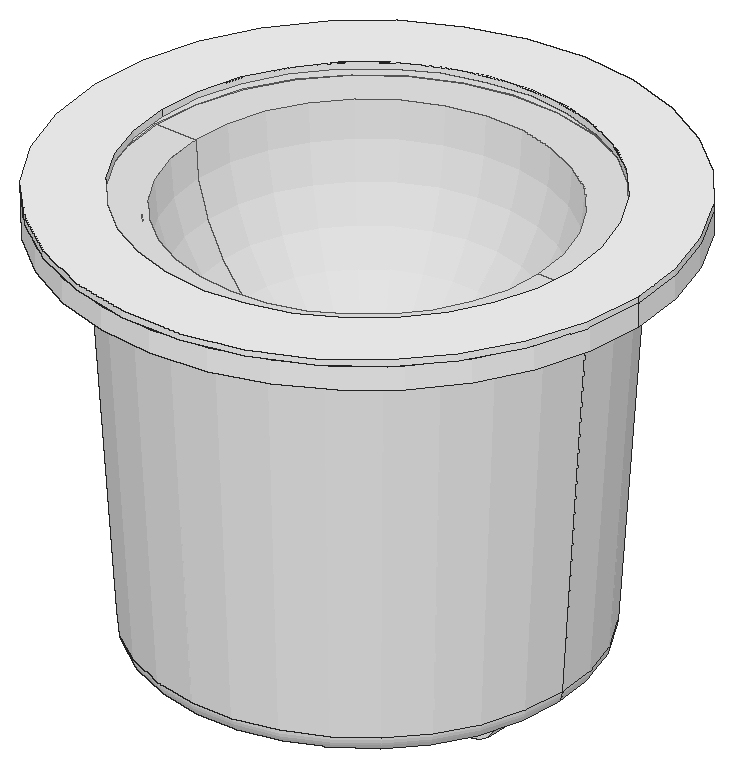
Revit family "2058911", category Lighting Fixtures, host Face, Revit 2018
Family settings
  Host = Face
  Round Connector Dimension = Use Diameter
  Part Type = Normal
  OmniClass Number = 23.80.70.11.17
  OmniClass Title = Specialized Lighting by Location or Use
  Cut with Voids When Loaded = No
  Light Source = Yes
  Shared = No
  Room Calculation Point = No
Parameters (values of type "2058911 MYRIAD DECO IP65 SP 3K DALI EM SI CBEZ")
  Weight = "n/a"
  Wattage = 15 W
  WarrantyStartDate [instance] = "n/a"
  WarrantyGuarantorParts = "n/a"
  WarrantyDurationUnit = "n/a"
  WarrantyDurationParts = ""
  WarrantyDescription = "http://www.sylvania-lighting.com"
  built-in parameter 1150110 = 1 (stored number, unit not read)
  Voltage = 230 V
  URL = "0"
  TypeName = "MYRIAD DECO IP65 SPOT 3000K DALI EM SILVER CBEZ"
  Type Image = 0
  Type Comments = ""
  built-in parameter 1114217 = 1 (stored number, unit not read)
  Tilt Angle = -90°
  built-in parameter 1150109 = 1 (stored number, unit not read)
  built-in parameter 1150134 = (empty or 0)
  built-in parameter 1150113 = 1 (stored number, unit not read)
  SerialNumber [instance] = "n/a"
  Reflector Radius = Cutout Diameter / 2 - 2.5 mm  # 35.0 mm
  Reflector Material = Aluminum_Sylvania_Myriad_Bright
  Recessed Depth = Height  # 72.0 mm
  PowerFactor = 0
  PowerConsumption = "Lighting"
  Photometric Web File = "2058911.ies"
  NominalWidth = 0.0 mm
  NominalLength = 76.0 mm
  NominalHeight = 72.0 mm
  Name = "MYRIAD DECO IP65 SPOT 3000K DALI EM SILVER CBEZ"
  ModelReference = "MYRIAD DECO IP65 SPOT 3000K DALI EM SILVER CBEZ"
  ModelNumber = "2058911"
  Material = "Feilo Sylvania"
  ManufacturerName = "92 lm/W"
  LuminousEfficacy = ""
  LuminaireType = "0"
  LightOutputRatio = "LED"
  LampsType = Lamp  # "n/a"
  LampNominalLuminous = "3000 K"
  LampMacAdamStep = "90"
  LampColourTemperature = "LED"
  LampColourRenderingIndex = "16500"
  Keynote = "n/a"
  Keynote_2 = "16500"
  InstallationDate [instance] = "n/a"
  InputVoltage = "0"
  InputNominalFrequency = "3000"
  IngressProtection = "IfcLightFixtureType"
  ImpactProtectionIndex = "IfcLightFixtureType"
  IfcExportType = "IfcLightFixtureType"
  IfcExportAs = "Class II"
  Height = 72.0 mm  # constant formula
  ExpectedLife = 50000
  Emit from Circle Diameter = Accessory Inner Diameter 2  # 68.0 mm
  Emit Shape Visible in Rendering = no
  ElectricShockClassification = "92"
  DurationUnit = "hours"
  DocumentationLiterature = "http://www.sylvania-lighting.com/product/en-int/products/2058911"
  DimmingControlOptions = "n/a"
  Diffuser Material = Glass_Sylvania_Myriad_Clear_4000K
  Diffuser Diameter = Cutout Diameter  # 75.0 mm
  Cutout Diameter = 75.0 mm  # constant formula
  CreatedOn = "03/02/2022"
  CreatedBy = "@sylvania-lighting.com"
  built-in parameter 1001205 = 0
  Cost = 0
  built-in parameter 1114216 [instance] = 1 (stored number, unit not read)
  Model = "MYRIAD DECO IP65 SPOT 3000K DALI EM SILVER CBEZ"
  Manufacturer = "Feilo Sylvania"  # constant formula
  built-in parameter 1150105 = 83.556 (stored number, unit not read)
  Lumens = 1050 lm
  built-in parameter 1150115 = 1 (stored number, unit not read)
  built-in parameter 1150137 = (empty or 0)
  built-in parameter 1150139 = (empty or 0)
  built-in parameter 1150112 = 1 (stored number, unit not read)
  built-in parameter 1150114 = 1 (stored number, unit not read)
  Lamp = "n/a"
  built-in parameter 1150132 = (empty or 0)
  built-in parameter 1150102 = (empty or 0)
  built-in parameter 1150107 = 2700 (stored number, unit not read)
  built-in parameter 1150138 = (empty or 0)
  built-in parameter 1150106 = 0.83556 (stored number, unit not read)
  built-in parameter 1150104 = 6.5032 (stored number, unit not read)
  Dimming Lamp Color Temperature Shift = <None>
  Description = "Supplied complete with electronic control gear Compact Fluorescent low energy downlight Emergency version passes through the cut out Ideal for low level orientation lighting New range of Architectural accessories each providing a different lit dimension New completely flush plaster up accessory ring for clean ceiling lines and smooth finish Order lamp separately"  # constant formula
  Default Elevation = 0.0 mm
  Color Filter = 16777215
  built-in parameter 1140040 [instance] = 1
  Body Radius = Reflector Radius + 1.5 mm  # 36.5 mm
  Body Material = Aluminum_Sylvania_Myriad_Gray
  BarCode [instance] = "n/a"
  built-in parameter 1114218 = 1 (stored number, unit not read)
  built-in parameter 1150133 = 10 (stored number, unit not read)
  AssetType = "Fixed"
  AssetIdentifier [instance] = "n/a"
  Assembly Code = "D5020200"
  Apparent Load = 12 VA
  Accessory Material = Aluminum_Sylvania_Myriad_White
  Accessory Inner Diameter 2 = Accessory Diameter - 22.0 mm  # 68.0 mm
  Accessory Inner Diameter 1 = Accessory Diameter - 2.0 mm  # 88.0 mm
  Accessory Diameter = Cutout Diameter + 15.0 mm  # 90.0 mm
Reference planes
  plane 1 "Center (Front/Back)": y = 0
  plane 2: z = 0
  plane 3 "Center (Left/Right)": x = 0
  plane 4: z = 2
  plane 5 "Fixture Bottom": z = 4.5
  plane 6: z = -28.5
  plane 7: z = -61.5
  plane 8 "Fixture Top": z = -67.5
  plane 9: z = 3.5
Forms (mm)
  Revolve 1, solid, material "Aluminum_Sylvania_Myriad_Bright" <- "Reflector Material", detail levels fine
    sketch origin (0, 0, 0) x (1, 0, 0) y (0, 0, 1)
      loop
        line (0, -27.515) -> (-6, -27.515)
        arc (-6, -27.515) -> (-22.333, -16.632) -> (-28.5, 2) r 30.135
        line (-28.5, 2) -> (-35, 2) -> (-35, 0) -> (-29.184, 0)
        arc (-29.184, 0) -> (-22.423, -18.18) -> (-6, -28.5) r 30.204
        line (-6, -28.5) -> (0, -28.5) -> (0, -27.515)
      axis (0, -28.5) -> (0, 2)
    angle from 0 to 360
  Revolve 2, solid, material "Aluminum_Sylvania_Myriad_Gray" <- "Body Material", detail levels fine
    sketch origin (0, 0, 0) x (1, 0, 0) y (0, 0, 1)
      loop
        line (-44, 2) -> (-44, 0) -> (-36.5, 0) -> (-32.42, -58.708)
        arc (-32.42, -58.708) -> (-31.474, -60.694) -> (-29.428, -61.5) r 3
        line (-29.428, -61.5) -> (0, -61.5) -> (0, -28.5) -> (-6, -28.5)
        arc (-6, -28.5) -> (-22.423, -18.18) -> (-29.184, 0) r 30.204
        line (-29.184, 0) -> (-35, 0) -> (-35, 2) -> (-44, 2)
      axis (0, 2) -> (0, -61.5)
    angle from 0 to 360
  Extrusion 3, solid, material "Aluminum_Sylvania_Myriad_Gray" <- "Body Material", detail levels fine
    sketch origin (0, 0, 0) x (1, 0, 0) y (0, 0, 1)
      loop
        line (-13.5, -67.5) -> (21, -67.5)
        arc (21, -67.5) -> (23.828, -66.328) -> (25, -63.5) r 4
        line (25, -63.5) -> (25, -61.5) -> (-17.5, -61.5) -> (-17.5, -63.5)
        arc (-17.5, -63.5) -> (-16.328, -66.328) -> (-13.5, -67.5) r 4
    from -4.5 to 4.5
  Extrusion 4, solid, material "Aluminum_Sylvania_Myriad_White" <- "Accessory Material", detail levels fine
    sketch origin (0, 0, 0) x (1, 0, 0) y (0, 1, 0)
      loop
        circle (0, 0) r 45
      loop
        circle (0, 0) r 44
    from 0 to 3.5
  Extrusion 5, solid, material "Aluminum_Sylvania_Myriad_White" <- "Accessory Material", detail levels fine
    sketch origin (0, 0, 0) x (1, 0, 0) y (0, 1, 0)
      loop
        circle (0, 0) r 45
      loop
        circle (0, 0) r 34
    from 3.5 to 4.5
  Extrusion 6, solid, material "Aluminum_Sylvania_Myriad_White" <- "Accessory Material", detail levels coarse+medium
    sketch origin (0, 0, 0) x (1, 0, 0) y (0, 1, 0)
      loop
        circle (0, 0) r 45
    from 0 to 4.5
  Revolve 7, solid, detail levels coarse+medium
    sketch origin (0, 0, 0) x (1, 0, 0) y (0, 0, 1)
      loop
        line (36.5, 0) -> (0, 0) -> (0, -61.5) -> (32.226, -61.5) -> (36.5, 0)
      axis (0, 0) -> (0, -61.5)
    angle from 0 to 360
  Extrusion 8, void
    sketch origin (0, 0, 0) x (1, 0, 0) y (0, 1, 0)
      loop
        circle (0, 0) r 37.5
    from -67.5 to 0
  Extrusion 9, solid, material "Glass_Sylvania_Myriad_Clear_4000K" <- "Diffuser Material", detail levels fine
    sketch origin (0, 0, 0) x (1, 0, 0) y (0, 1, 0)
      loop
        circle (0, 0) r 37.5
    from 2 to 3.5
Cuts and joins
  joined: Extrusion 4, Extrusion 5
Lines and regions (mm)
  Masking region 1
    outline origin (0, 0, 0) x (1, 0, 0) y (0, 1, 0)
      loop
        circle (0, 0) r 45
  symbolic lines
    curve 1: arc (-34, 0, 0) -> (0, 34, 0) -> (34, 0, 0) r 34
    curve 2: arc (34, 0, 0) -> (0, -34, 0) -> (-34, 0, 0) r 34
Dimensions and locks
  locked: plane 7 to plane 8 "Fixture Top" at 6
  "Body Radius": Revolve 7 sketch curve to plane 3 "Center (Left/Right)"
  locked: Revolve 7 sketch curve to Revolve 7 sketch curve at 4.274
  plane 5 "Fixture Bottom" to plane 9 to plane 4 to plane 2 to plane 6 = 1.0 mm locked, 1.5 mm locked, 2.0 mm locked, 28.5 mm locked
  "Reflector Radius": Revolve 1 sketch curve to plane 3 "Center (Left/Right)"
  Revolve 1 sketch curve to Revolve 1 sketch curve to Revolve 1 sketch curve to Revolve 1 sketch curve = 6.5 mm locked, 22.5 mm locked, 0.0 mm locked
  "Reflector Radius": plane 3 "Center (Left/Right)" to Revolve 2 sketch curve
  Revolve 2 sketch curve to Revolve 2 sketch curve to Revolve 2 sketch curve = 7.5 mm locked, 1.5 mm locked
  Revolve 2 sketch curve to Revolve 2 sketch curve to Revolve 2 sketch curve = 5.816 mm locked, 23.184 mm locked
  Revolve 2 sketch curve to Revolve 2 sketch curve to Revolve 2 sketch curve = 2.58 mm locked, 2.993 mm locked
  "Accessory Diameter": diameter of Extrusion 4 sketch curve
  "Accessory Inner Diameter 1": diameter of Extrusion 4 sketch curve
  "Accessory Diameter": diameter of Extrusion 5 sketch curve
  "Accessory Diameter": diameter of Extrusion 6 sketch curve
  "Cutout Diameter": diameter of Extrusion 8 sketch curve
  "Accessory Inner Diameter 2": diameter of Extrusion 5 sketch curve
  "Diffuser Diameter": diameter of Extrusion 9 sketch curve
  aligned and locked: plane 2 to host face
  aligned and locked: level to host face
  aligned and locked: plane 1 "Center (Front/Back)" to imposter light
  aligned and locked: plane 3 "Center (Left/Right)" to imposter light
  aligned and locked: Revolve 1 sketch curve to imposter light
  aligned and locked: Extrusion 3 sketch curve to plane 8 "Fixture Top"
  aligned and locked: plane 7 to Extrusion 3 sketch curve
  aligned and locked: Extrusion 4 to plane 2
  aligned and locked: plane 9 to Extrusion 4
  aligned and locked: Extrusion 5 to plane 9
  aligned and locked: plane 5 "Fixture Bottom" to Extrusion 5
  aligned and locked: Extrusion 6 to plane 2
  aligned and locked: plane 5 "Fixture Bottom" to Extrusion 6
  aligned and locked: Extrusion 8 to plane 8 "Fixture Top"
  aligned and locked: plane 2 to Extrusion 8
  aligned and locked: Masking region 1 sketch curve to Extrusion 6  (x2)
  aligned and locked: Extrusion 9 to plane 4
  aligned and locked: plane 9 to Extrusion 9
  aligned and locked: plane 4 to Revolve 2 sketch curve
  aligned and locked: Revolve 2 sketch curve to plane 2
  aligned and locked: curve 1 to cut or joined group of Extrusion 4, Extrusion 5
  aligned and locked: curve 2 to cut or joined group of Extrusion 4, Extrusion 5
  aligned and locked: imposter light to plane 5 "Fixture Bottom"
Automatic sketch dimensions
  host sketch curve to host sketch curve = 1305.563 mm
  host sketch curve to host sketch curve = 1283.632 mm
  Extrusion 3 sketch curve to plane 7 = 2.0 mm
  Extrusion 3 sketch curve to plane 3 "Center (Left/Right)" = 13.5 mm
  plane 3 "Center (Left/Right)" to Extrusion 3 sketch curve = 21.0 mm
  Extrusion 3 sketch curve to Extrusion 3 sketch curve = 4.0 mm
  Revolve 1 sketch curve to level = 0.0 mm
  Revolve 1 sketch curve to plane 3 "Center (Left/Right)" = 0.0 mm
  Revolve 1 sketch curve to plane 6 = 0.0 mm
  Revolve 1 sketch curve to plane 4 = 0.0 mm
  Revolve 1 sketch curve to Revolve 1 sketch curve = 0.684 mm
  level to Revolve 1 sketch curve = 0.88 mm
  Revolve 1 sketch curve to plane 4 = 0.363 mm
  Revolve 1 sketch curve to Revolve 1 sketch curve = 0.625 mm
  Revolve 1 sketch curve to plane 8 "Fixture Top" = 232.8 mm
  plane 5 "Fixture Bottom" to Revolve 1 sketch curve = 291.243 mm
  Revolve 2 sketch curve to plane 3 "Center (Left/Right)" = 0.0 mm  (x2)
  Revolve 2 sketch curve to plane 7 = 0.0 mm
  Revolve 2 sketch curve to plane 6 = 0.0 mm
  Revolve 2 sketch curve to level = 0.0 mm
  level to Revolve 2 sketch curve = 0.88 mm
  plane 7 to Revolve 2 sketch curve = 2.792 mm
  Revolve 2 sketch curve to plane 8 "Fixture Top" = 304.774 mm
  plane 5 "Fixture Bottom" to Revolve 2 sketch curve = 1137.105 mm
  Extrusion 4 sketch curve to Extrusion 4 sketch curve = 0.0 mm  (x2)
  plane 1 "Center (Front/Back)" to Extrusion 4 sketch curve = 0.0 mm
  Extrusion 4 sketch curve to plane 3 "Center (Left/Right)" = 0.0 mm
  Extrusion 5 sketch curve to Extrusion 5 sketch curve = 0.0 mm  (x2)
  plane 1 "Center (Front/Back)" to Extrusion 5 sketch curve = 0.0 mm
  Extrusion 5 sketch curve to plane 3 "Center (Left/Right)" = 0.0 mm
  plane 1 "Center (Front/Back)" to Extrusion 6 sketch curve = 0.0 mm
  Extrusion 6 sketch curve to plane 3 "Center (Left/Right)" = 0.0 mm
  Revolve 7 sketch curve to level = 0.0 mm
  Revolve 7 sketch curve to plane 3 "Center (Left/Right)" = 0.0 mm  (x2)
  Revolve 7 sketch curve to plane 7 = 0.0 mm
  Revolve 7 sketch curve to plane 8 "Fixture Top" = 304.774 mm
  plane 5 "Fixture Bottom" to Revolve 7 sketch curve = 43.226 mm
  plane 1 "Center (Front/Back)" to Extrusion 8 sketch curve = 0.0 mm
  Extrusion 8 sketch curve to plane 3 "Center (Left/Right)" = 0.0 mm
  plane 1 "Center (Front/Back)" to Extrusion 9 sketch curve = 0.0 mm
  Extrusion 9 sketch curve to plane 3 "Center (Left/Right)" = 0.0 mm
Connectors
  electrical at (-0.006, -0.019, -67.5), driven by "Apparent Load", driven by "Apparent Load"
    settings: on plane 8 "Fixture Top", index 1, voltage 230 V, apparent load 12 VA, apparent load phase1 12 VA, apparent load phase2 0 VA, apparent load phase3 0 VA, power factor 1, load classification "Lighting", number of poles 1, system type 30, power factor state 1, is connector primary yes, connector utility no, sub classification motor no, connector description ""
